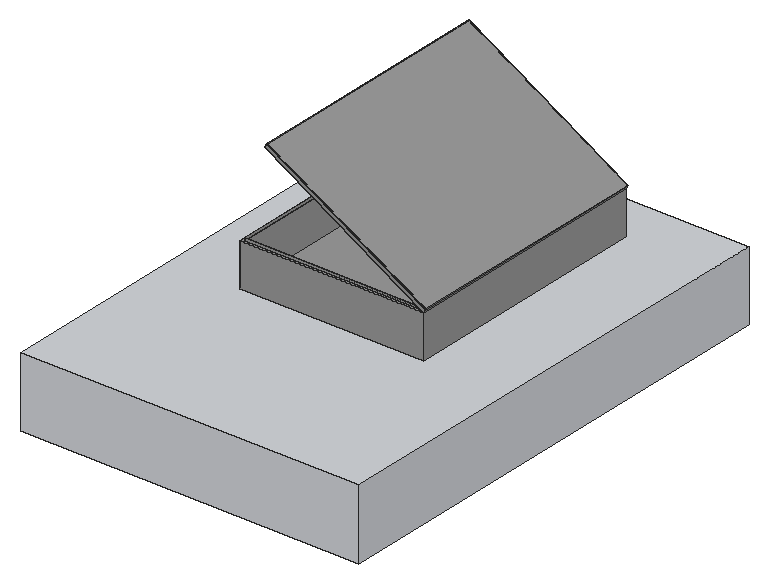
Revit family "Hager-Univers-IP54-D205-H1100-Cl.II-Encl-PL-pl", category Equipement électrique, Revit 2020
Family settings
  Hôte = Face
  Configuration du panneau = Deux colonnes, circuits au sein
  Cote de connecteur circulaire = Utiliser le diamètre
  Type d'élément = Tableau de raccordement
  Couper avec des vides une fois chargée = Non
  Partagée = Non
  Point de calcul de pièce = Non
Parameters (values of type "Montaż natynkowy IP54 S800 W1100 G205  - FP73SW2")
  Width Control [instance] = if([EF000008 - Szerokość] > Min Width, [EF000008 - Szerokość], Min Width)  # 800 mm
  Commentaires du type = [HG000003 - Zakres]  # "Univers"
  Thickness Door [instance] = if([EF009171 - Drzwi/pokrywa z materiału o wysokiej wytrzymałości mechanicznej] > 3 mm, 3 mm, [EF009171 - Drzwi/pokrywa z materiału o wysokiej wytrzymałości mechanicznej])  # 1 mm
  Seal Frame Offset [instance] = 17 mm  # constant formula
  Plinth Visibility [instance] = [HG000027 - Wysokość cokołu] > 0 mm  # no
  Model = ""
  Min Width [instance] = 100 mm  # constant formula
  Min Height [instance] = 100 mm  # constant formula
  Min Depth [instance] = (2 * [EF009170 - Obudowa z materiału o wysokiej wytrzymałości mechanicznej]) + 1 mm  # 3 mm
  Internal Frame Depth [instance] = (Door System Depth * 0.5)  # 9 mm
  Height Control [instance] = if([EF000040 - Wysokość] > Min Height, [EF000040 - Wysokość], Min Height)  # 1100 mm
  HG000027 - Wysokość cokołu = 0 mm
  HG000026 - Stojąca = no
  HG000024 - Wysokość części dolnej = 800 mm
  HG000023 - Obudowa dwusekcyjna = no
  HG000016 - Widoczność drzwi w widoku 3D [instance] = yes
  HG000015 - Przestrzeń robocza - otwarcie drzwi [instance] = no
  HG000014 - Drzwi prawe [instance] = yes
  HG000013 - Drzwi lewe [instance] = not([HG000014 - Drzwi prawe])  # no
  HG000012 - Kąt otwarcia drzwi [instance] = 30.00°
  HG000010 - Drzwi asymetryczne = no
  HG000009 - Drzwi dwuskrzydłowe = no
  HG000006 - Montaż podtynkowy = no
  HG000004 - Referencja producenta = "FP73SW2"
  HG000003 - Zakres = "Univers"
  HG000002 - Z drzwiami lub pokrywą = yes
  Frame Offset Bottom [instance] = 10 mm  # constant formula
  Frame Offset [instance] = 15 mm  # constant formula
  EF015940 - Pokrywa z wyzwalaczem nadciśnieniowym = no
  EF011959 - Stopień ochrony (NEMA) = ""
  EF009554 - Liczba otworów pod flansze = 6
  Fabricant = "Hager"  # constant formula
  EF009212 - Wykonanie pokrywy = "EV000116 - Zamknięty"
  EF009171 - Drzwi/pokrywa z materiału o wysokiej wytrzymałości mechanicznej = 1 mm
  EF009170 - Obudowa z materiału o wysokiej wytrzymałości mechanicznej = 1 mm
  EF008873 - Prąd znamionowy (In) = 250 A
  EF007800 - Do ochrony odgromowej = no
  EF006306 - Z zamkiem = no
  EF006244 - Transparentna pokrywa/drzwi = no
  EF005474 - Stopień ochrony (IP) = "EV006419 - IP54"
  EF004464 - Rodzaj drzwi = "EV002646 - Pojedynczy"
  EF004427 - Liczba modułów = 252
  EF004293 - Odporność udarowa = "EV006815 - IK09"
  EF003532 - Do zastosowań zewnętrznych = no
  EF002950 - Szerokość wyrażona liczbą modułów = 36
  EF001613 - Podtrzymanie funkcji = "EV000494 - Brak"
  EF001596 - Materiał obudowy = "EV000179 - Stal"
  EF001131 - Głębokość wewnętrzna = 130 mm
  EF001088 - Możliwość rozbudowy = yes
  EF000437 - Liczba wejść kablowych = 6
  EF000339 - Rodzaj pokrywy = "EV004216 - Drzwi"
  EF000266 - Liczba rzędów = 7
  EF000218 - Głębokość wbudowania = 205 mm
  EF000118 - Z płytą montażową = no
  EF000116 - Numer RAL = "9010"
  EF000049 - Głębokość = 205 mm
  EF000040 - Wysokość = 1100 mm
  EF000008 - Szerokość = 800 mm
  EF000007 - Kolor = "EV000202 - Biały"
  EF000003 - Sposób montażu = "EV000384 - Montaż natynkowy"
  Door System Leaf Tolerance [instance] = 1.5 mm  # constant formula
  Door System Depth [instance] = 18 mm  # constant formula
  Door Height [instance] = Height Control - [HG000027 - Wysokość cokołu]  # 1100 mm
  Depth Control [instance] = if([EF000049 - Głębokość] > Min Depth, [EF000049 - Głębokość], Min Depth)  # 205 mm
  Default Elevation = 0 mm
  Connector Offset [instance] = Height Control / 2  # 550 mm
  Bottom Top Plate Trim [instance] = 1.5 mm  # constant formula
  Plinth height Ctrl [instance] = if([HG000027 - Wysokość cokołu] > 0 mm, [HG000027 - Wysokość cokołu], 12 mm)  # 12 mm
Types (5, lengths in mm): name | Width Control | HG000010 - Drzwi asymetryczne | HG000009 - Drzwi dwuskrzydłowe | HG000004 - Referencja producenta | EF009554 - Liczba otworów pod flansze | EF004464 - Rodzaj drzwi | EF004427 - Liczba modułów | EF002950 - Szerokość wyrażona liczbą modułów | EF000437 - Liczba wejść kablowych | EF000008 - Szerokość
  Montaż natynkowy IP54 S1050 W1100 G205  - FP74SW2 | 1050 | no | yes | "FP74SW2" | 8 | "EV003602 - Podwójny" | 336 | 48 | 8 | 1050
  Montaż natynkowy IP54 S1300 W1100 G205  - FP75SW2 | 1300 | yes | yes | "FP75SW2" | 10 | "EV003602 - Podwójny" | 420 | 60 | 10 | 1300
  Montaż natynkowy IP54 S300 W1100 G205  - FP71SW2 | 300 | no | no | "FP71SW2" | 2 | "EV002646 - Pojedynczy" | 84 | 12 | 2 | 300
  Montaż natynkowy IP54 S550 W1100 G205  - FP72SW2 | 550 | no | no | "FP72SW2" | 4 | "EV002646 - Pojedynczy" | 168 | 24 | 4 | 550
  Montaż natynkowy IP54 S800 W1100 G205  - FP73SW2 | 800 | no | no | "FP73SW2" | 6 | "EV002646 - Pojedynczy" | 252 | 36 | 6 | 800
Reference planes
  plane 1 "Center (Front/Back)": y = 0
  plane 2: z = 0
  plane 3 "Center (Left/Right)": x = 0
  plane 4: z = 205
  plane 5: y = 1
  plane 6: y = 550
  plane 7: y = 0
  plane 8: y = 1100
  plane 9: z = 0
  plane 10: x = -385
  plane 11: x = 385
  plane 12: x = 384
  plane 13: x = -384
  plane 14: y = 1099
  plane 15: x = -383
  plane 16: x = -400
  plane 17: x = 383
  plane 18: x = 400
  plane 19: x = 399
  plane 20: x = -399
  plane 21: y = 11
  plane 22: y = 1100
  plane 23: y = 1084
  plane 24: z = 187
  plane 25: z = 1
  plane 26: z = 186
  plane 27: z = 204
Forms (mm)
  Extrusion 1, solid
    sketch origin (0, 0, 0) x (1, 0, 0) y (0, 1, 0)
      loop
        line (-702.964, 1305) -> (-702.964, -811.445) -> (766.763, -811.445) -> (766.763, 1305) -> (-702.964, 1305)
    from 0 to -304.8
  Extrusion 2, solid, material "Hager_Steel_RAL7035_Light_Grey", visible <- "Plinth Visibility", detail levels medium+fine
    sketch origin (0, 0, 0) x (1, 0, 0) y (0, 1, 0)
      loop
        line (-400, 0) -> (400, 0) -> (400, 12) -> (-400, 12) -> (-400, 0)
    from 0 to 187
  Extrusion 3, solid, material "Hager_Steel_RAL7035_Light_Grey", detail levels medium+fine
    sketch origin (0, 0, 0) x (1, 0, 0) y (0, 1, 0)
      loop
        line (-400, 0) -> (400, 0) -> (400, 1100) -> (-400, 1100) -> (-400, 0)
    from 0 to 187
  Extrusion 4, void
    sketch origin (0, 0, 0) x (1, 0, 0) y (0, 1, 0)
      loop
        line (-399, 1) -> (399, 1) -> (399, 1099) -> (-399, 1099) -> (-399, 1)
    from 1 to 186
  Extrusion 5, void
    sketch origin (-381.607, -4572, 187) x (0, -1, 0) y (-1, 0, 0)
      loop
        line (-4583, 2.393) -> (-5656, 2.393) -> (-5656, -765.607) -> (-4583, -765.607) -> (-4583, 2.393)
    from 0 to 1 <- "EF009170 - Obudowa z materiału o wysokiej wytrzymałości mechanicznej"
  Extrusion 6, solid, material "Hager_Steel_RAL7035_Light_Grey", detail levels fine
    sketch origin (0, 0, 187) x (1, 0, 0) y (0, 1, 0)
      loop
        line (-384, 1084) -> (-384, 11) -> (384, 11) -> (384, 1084) -> (-384, 1084)
      loop
        line (-385, 10) -> (385, 10) -> (385, 1085) -> (-385, 1085) -> (-385, 10)
    from 0 to 9 <- "Internal Frame Depth"
  Extrusion 7, solid, material "Hager_Steel_RAL7035_Light_Grey", detail levels coarse
    sketch origin (0, 0, 0) x (1, 0, 0) y (0, 1, 0)
      loop
        line (-400, 0) -> (400, 0) -> (400, 1100) -> (-400, 1100) -> (-400, 0)
    from 0 to 205
  Sweep 8, void
    path in 3D
      loop
        line (-400, 12, 0) -> (400, 12, 0) -> (400, 12, 187) -> (-400, 12, 187) -> (-400, 12, 0)
    profile origin (-400, 12, 93.5) x (-1, 0, 0) y (0, -1, 0)
      loop
        line (0, 0) -> (0, 1.5) -> (-1.5, 1.5)
        arc (-1.5, 1.5) -> (-1.061, 0.439) -> (0, 0) r 1.5
Cuts and joins
  Extrusion 4, Extrusion 5 cuts Extrusion 3
  Sweep 8 cuts Extrusion 2
Lines and regions (mm)
  Masking region 1
    outline origin (0, 0, 0) x (1, 0, 0) y (0, 0, 1)
      loop
        line (-400, 205) -> (-400, 0) -> (400, 0) -> (400, 205) -> (-400, 205)
  Masking region 2, detail levels medium+fine
    outline origin (0, 140, 0) x (0, 1, 0) y (0, 0, 1)
      loop
        line (-140, 0) -> (960, 0) -> (960, 187) -> (-140, 187) -> (-140, 0)
  Masking region 3, not visible, detail levels medium+fine
    outline origin (0, 297.922, 0) x (0, 1, 0) y (0, 0, 1)
      loop
        line (263.578, 0) -> (303.578, 0) -> (303.578, 194)
        arc (303.578, 194) -> (300.649, 201.071) -> (293.578, 204) r 10
        line (293.578, 204) -> (263.578, 204) -> (263.578, 0)
  Masking region 4, detail levels coarse
    outline origin (0, 0, 180) x (0, 1, 0) y (0, 0, 1)
      loop
        line (0, -180) -> (1100, -180) -> (1100, 25) -> (0, 25) -> (0, -180)
  Masking region 5, visible <- "Plinth Visibility", detail levels medium+fine
    outline origin (0, 52.24, 12.345) x (0, 0, -1) y (0, 1, 0)
      loop
        line (10.845, -40.24) -> (-173.155, -40.24)
        arc (-173.155, -40.24) -> (-173.594, -41.301) -> (-174.655, -41.74) r 1.5
        line (-174.655, -41.74) -> (-174.655, -52.24) -> (12.345, -52.24) -> (12.345, -41.74)
        arc (12.345, -41.74) -> (11.285, -41.301) -> (10.845, -40.24) r 1.5
  Masking region 6, detail levels medium+fine
    outline origin (-381.607, -4572, 187) x (-1, 0, 0) y (0, -1, 0)
      loop
        line (18.393, -5672) -> (18.393, -4572) -> (-781.607, -4572) -> (-781.607, -5672) -> (18.393, -5672)
  Masking region 7, visible <- "Plinth Visibility", detail levels medium+fine
    outline origin (-381.607, -4727, 187) x (-1, 0, 0) y (0, -1, 0)
      loop
        arc (16.893, -4739) -> (17.332, -4737.939) -> (18.393, -4737.5) r 1.5
        line (18.393, -4737.5) -> (18.393, -4727) -> (-781.607, -4727) -> (-781.607, -4737.5)
        arc (-781.607, -4737.5) -> (-780.546, -4737.939) -> (-780.107, -4739) r 1.5
        line (-780.107, -4739) -> (16.893, -4739)
  Masking region 8, detail levels coarse
    outline origin (-442.548, -4669.526, 187) x (-1, 0, 0) y (0, -1, 0)
      loop
        line (-42.548, -5769.526) -> (-42.548, -4669.526) -> (-842.548, -4669.526) -> (-842.548, -5769.526) -> (-42.548, -5769.526)
  sketch lines
    curve 1: line (-400, 12, 187) -> (-400, 12, 0)
    curve 2: line (400, 12, 187) -> (-400, 12, 187)
    curve 3: line (400, 12, 187) -> (400, 12, 0)
    curve 4: line (-400, 12, 0) -> (400, 12, 0)
Dimensions and locks
  "Depth Control": plane 4 to Extrusion 1
  "HG000027 - Wysokość cokołu": plane 1 "Center (Front/Back)" to plane 7
  "EF009170 - Obudowa z materiału o wysokiej wytrzymałości mechanicznej": plane 5 to plane 7
  locked: connector elem to plane 3 "Center (Left/Right)"
  equal spacing: plane 8, plane 6, plane 7
  locked: connector elem to plane 6
  "EF009170 - Obudowa z materiału o wysokiej wytrzymałości mechanicznej": plane 8 to plane 14
  "EF009170 - Obudowa z materiału o wysokiej wytrzymałości mechanicznej": plane 10 to plane 13
  "EF009170 - Obudowa z materiału o wysokiej wytrzymałości mechanicznej": plane 12 to plane 11
  "Frame Offset": plane 20 to plane 13
  "Frame Offset": plane 12 to plane 19
  "EF009170 - Obudowa z materiału o wysokiej wytrzymałości mechanicznej": plane 16 to plane 20
  "EF009170 - Obudowa z materiału o wysokiej wytrzymałości mechanicznej": plane 19 to plane 18
  "Seal Frame Offset": plane 16 to plane 15
  "Seal Frame Offset": plane 17 to plane 18
  "Frame Offset Bottom": plane 21 to plane 5
  "Frame Offset": plane 14 to plane 23
  equal spacing: plane 16, plane 3 "Center (Left/Right)", plane 18
  "Width Control": plane 16 to plane 18
  "EF009170 - Obudowa z materiału o wysokiej wytrzymałości mechanicznej": plane 4 to plane 27
  "EF009170 - Obudowa z materiału o wysokiej wytrzymałości mechanicznej": plane 24 to plane 26
  "EF009170 - Obudowa z materiału o wysokiej wytrzymałości mechanicznej": plane 25 to level
  "Door System Depth": plane 4 to plane 24
  "Height Control": plane 1 "Center (Front/Back)" to Extrusion 7 sketch curve
  "Height Control": Masking region 4 sketch curve to plane 1 "Center (Front/Back)"
  "Height Control": plane 1 "Center (Front/Back)" to plane 22
  "Bottom Top Plate Trim": profile plane to Sweep 8 sketch curve
  "Bottom Top Plate Trim": Sweep 8 sketch curve to profile plane
  "Plinth height Ctrl": plane 1 "Center (Front/Back)" to Extrusion 2 sketch curve
  "Plinth height Ctrl": Masking region 5 sketch curve to plane 1 "Center (Front/Back)"
  "Plinth height Ctrl": plane 1 "Center (Front/Back)" to Masking region 7 sketch curve
  "Thickness Door": Extrusion 6 sketch curve to Extrusion 6 sketch curve  (x3)
  "Thickness Door": cut or joined group of Extrusion 3, Extrusion 4, Extrusion 5 to Extrusion 6 sketch curve
  radius of Masking region 3 sketch curve = 10 mm
  "Bottom Top Plate Trim": radius of Masking region 5 sketch curve  (x2)
  "Bottom Top Plate Trim": radius of Sweep 8 sketch curve
  "Bottom Top Plate Trim": radius of Masking region 7 sketch curve  (x2)
  aligned and locked: plane 2 to Extrusion 1
  aligned and locked: level to Extrusion 1
  aligned and locked: level to Masking region 1 sketch curve
  aligned and locked: Masking region 1 sketch curve to plane 18
  aligned and locked: Masking region 1 sketch curve to plane 16
  aligned and locked: plane 7 to Masking region 2 sketch curve
  aligned and locked: level to Masking region 3 sketch curve
  aligned and locked: Masking region 3 sketch curve to plane 27
  aligned and locked: level to Masking region 2 sketch curve
  aligned and locked: plane 1 "Center (Front/Back)" to Extrusion 2 sketch curve
  aligned and locked: Extrusion 3 sketch curve to plane 7
  aligned and locked: plane 16 to Extrusion 3 sketch curve
  aligned and locked: plane 18 to Extrusion 3 sketch curve
  aligned and locked: plane 20 to Extrusion 4 sketch curve
  aligned and locked: plane 19 to Extrusion 4 sketch curve
  aligned and locked: Extrusion 4 sketch curve to plane 5
  aligned and locked: Extrusion 4 to plane 25
  aligned and locked: plane 26 to Extrusion 4
  aligned and locked: plane 24 to Extrusion 3
  aligned and locked: Extrusion 5 sketch curve to plane 21
  aligned and locked: Extrusion 5 sketch curve to plane 13
  aligned and locked: Extrusion 5 sketch curve to plane 12
  aligned and locked: plane 18 to Extrusion 7 sketch curve
  aligned and locked: plane 1 "Center (Front/Back)" to Extrusion 7 sketch curve
  aligned and locked: plane 16 to Extrusion 7 sketch curve
  aligned and locked: plane 4 to Extrusion 7
  aligned and locked: Extrusion 7 to level
  aligned and locked: level to Masking region 4 sketch curve
  aligned and locked: Masking region 4 sketch curve to plane 1 "Center (Front/Back)"
  aligned and locked: Masking region 4 sketch curve to plane 4
  aligned and locked: nested 1 to level
  aligned and locked: nested 1 to plane 16
  aligned and locked: plane 8 to Extrusion 3 sketch curve
  aligned and locked: plane 23 to Extrusion 5 sketch curve
  aligned and locked: plane 14 to Extrusion 4 sketch curve
  aligned and locked: Masking region 2 sketch curve to plane 8
  aligned and locked: level to Masking region 5 sketch curve
  aligned and locked: plane 16 to Extrusion 2 sketch curve
  aligned and locked: plane 18 to Extrusion 2 sketch curve
  aligned and locked: Masking region 5 sketch curve to plane 24
  aligned and locked: Masking region 2 sketch curve to plane 24
  aligned and locked: plane 24 to Extrusion 2
  aligned and locked: profile plane to Sweep 8 sketch curve  (x2)
  aligned and locked: Masking region 6 sketch curve to plane 18
  aligned and locked: Masking region 6 sketch curve to plane 22
  aligned and locked: Masking region 6 sketch curve to plane 16
  aligned and locked: plane 8 to plane 22
  aligned and locked: Masking region 6 sketch curve to plane 7
  aligned and locked: Masking region 7 sketch curve to plane 16
  aligned and locked: Masking region 7 sketch curve to plane 1 "Center (Front/Back)"
  aligned and locked: Masking region 7 sketch curve to plane 18
  aligned and locked: Masking region 8 sketch curve to plane 1 "Center (Front/Back)"
  aligned and locked: Masking region 8 sketch curve to plane 18
  aligned and locked: Masking region 8 sketch curve to plane 22
  aligned and locked: Masking region 8 sketch curve to plane 16
  aligned and locked: nested 2 to plane 7
  aligned and locked: plane 3 "Center (Left/Right)" to nested 2
  aligned and locked: nested 2 to plane 24
  aligned and locked: Extrusion 6 sketch curve to cut or joined group of Extrusion 3, Extrusion 4, Extrusion 5  (x4)
Automatic sketch dimensions
  Extrusion 1 sketch curve to Extrusion 1 sketch curve = 1469.727 mm
  Extrusion 1 sketch curve to Extrusion 1 sketch curve = 2116.445 mm
  Masking region 1 sketch curve to plane 4 = 0 mm
  plane 6 to Masking region 3 sketch curve = 11.5 mm
  Masking region 3 sketch curve to Masking region 3 sketch curve = 30 mm
  Masking region 5 sketch curve to plane 1 "Center (Front/Back)" = 0 mm
Nested families
  nested 1: "Hager_Enclosure_Symbol" at (-400, 0, 0) x (1, 0, 0) z (0, -1, 0), Height <- "Depth Control", Width <- "Width Control", type "Hager_Enclosure_Symbol"
    with Width_Ctrl 800 mm, Width 800 mm, Height_Ctrl 205 mm, Height 205 mm, A_Width_Int 13.453 mm, A_Width 161.438 mm, A_Height_Ctrl 179.375 mm, A_Height 179.375 mm
  nested 2: "EC000058_Univers_Door" at (0, 0, 187) x (1, 0, 0) z (0, 1, 0), Leaf_Tolerance <- "Door System Leaf Tolerance", Angle <- "HG000012 - Kąt otwarcia drzwi", Door_Depth <- "Door System Depth", Door_Left <- "HG000013 - Drzwi lewe", Transparent <- "EF006244 - Transparentna pokrywa/drzwi", Assymetrical <- "HG000010 - Drzwi asymetryczne", Width <- "Width Control", Clearance <- "HG000015 - Przestrzeń robocza - otwarcie drzwi", Double <- "HG000009 - Drzwi dwuskrzydłowe", 3d_Door <- "HG000016 - Widoczność drzwi w widoku 3D", Lock_Visibility <- "EF006306 - Z zamkiem", Width_Ctrl <- "Width Control", Door_Right <- "HG000014 - Drzwi prawe", Door <- "HG000002 - Z drzwiami lub pokrywą", Height <- "Door Height", Thickness <- "Thickness Door", type "EC000058_Univers_Door", detail levels medium+fine
    with min_wh 3 mm, Width_Ctrl 800 mm, Width 800 mm, Transparent no, Thickness 1 mm, Seal_Material Hager_Rubber, Lock_Visibility no, Lock_Material Hager_Plastic_RAL9005_Jet_Black, Leaf_Width 800 mm, Leaf_Tolerance_External_Sides 0 mm, Leaf_Tolerance 1.5 mm, Leaf_Offset 0 mm, Leaf_Height 1097 mm, Leaf_2_Width 800 mm, Leaf_2_Offset 400 mm, Leaf_1_Width 800 mm, Leaf_1_Offset 400 mm, Height_Ctrl 1100 mm, Height 1100 mm, Glass_Material Hager_Glass, Double_Clearance_Ctrl no, Double no, Door_Right_Ctrl yes, Door_Right yes, Door_Material Hager_Steel_RAL7035_Light_Grey, Door_Left_Ctrl no, Door_Left no, Door_Depth 18 mm, Door yes, Clearance_Material Hager_Clearance, Clearance_Depth 800 mm, Clearance_Ctrl no, Clearance no, Assymetrical no, Angle 30.00°, 3d_Door yes
Connectors
  electrical at (0, 550, 0)
    settings: on plane 9, index 1, voltage 0 V, apparent load 0 VA, apparent load phase1 0 VA, apparent load phase2 0 VA, apparent load phase3 0 VA, power factor 1, load classification "Other", number of poles 1, system type 30, power factor state 1, is connector primary yes, connector utility no, sub classification motor no, connector description ""
Definition of nested family "EC000058_Univers_Door"
  Parameters (values of type "EC000058_Univers_Door")
    min_wh [instance] = (2 * Thickness) + 1 mm  # 11 mm
    Width_Ctrl [instance] = 400 mm
    Width [instance] = 500 mm
    Transparent [instance] = yes
    Thickness [instance] = 5 mm
    Seal_Material [instance] = none
    Lock_Visibility [instance] = yes
    Lock_Material [instance] = none
    Leaf_Width [instance] = if((Width_Ctrl - 2 * Leaf_Tolerance_External_Sides) > 0 mm, (Width_Ctrl - 2 * Leaf_Tolerance_External_Sides), min_wh)  # 400 mm
    Leaf_Tolerance_External_Sides [instance] = 0 mm  # constant formula
    Leaf_Tolerance [instance] = 1.5 mm
    Leaf_Offset [instance] = 0 mm  # constant formula
    Leaf_Height [instance] = if((Height_Ctrl - 2 * Leaf_Tolerance) > 0 mm, (Height_Ctrl - 2 * Leaf_Tolerance), min_wh)  # 497 mm
    Leaf_2_Width [instance] = if(and(and(Double, Assymetrical), Door_Left), (Leaf_Width / 3) - (Leaf_Tolerance / 2), if(and(and(Double, Assymetrical), Door_Right), (Leaf_Width / 3) * 2 - (Leaf_Tolerance / 2), if(and(Double, not(Assymetrical)), (Leaf_Width / 2) - Leaf_Tolerance, Leaf_Width)))  # 400 mm
    Leaf_2_Offset [instance] = if(and(Double, Assymetrical), Leaf_2_Width / 2, if(and(Double, not(Assymetrical)), Leaf_Width / 4, Leaf_Width / 2))  # 200 mm
    Leaf_1_Width [instance] = if(and(and(Double, Assymetrical), Door_Right), (Leaf_Width / 3) - (Leaf_Tolerance / 2), if(and(and(Double, Assymetrical), Door_Left), (Width / 3) * 2 - (Leaf_Tolerance / 2), if(and(Double, not(Assymetrical)), (Leaf_Width / 2) - Leaf_Tolerance, Leaf_Width)))  # 400 mm
    Leaf_1_Offset [instance] = if(and(Double, Assymetrical), Leaf_1_Width / 2, if(and(Double, not(Assymetrical)), Leaf_Width / 4, Leaf_Width / 2))  # 200 mm
    Height_Ctrl [instance] = if(Height > min_wh, Height, min_wh)  # 500 mm
    Height [instance] = 500 mm
    Glass_Material [instance] = none
    Double_Clearance_Ctrl [instance] = and(Double, Clearance)  # no
    Double [instance] = no
    Door_Right_Ctrl [instance] = and(or(Door_Right, Double), Door)  # yes
    Door_Right [instance] = yes
    Door_Material [instance] = none
    Door_Left_Ctrl [instance] = and(or(Door_Left, Double), Door)  # no
    Door_Left [instance] = no
    Door_Depth [instance] = 30 mm
    Door [instance] = yes
    Default Elevation = 1219.2 mm
    Clearance_Material [instance] = none
    Clearance_Depth [instance] = if(Leaf_1_Width > Leaf_2_Width, Leaf_1_Width, Leaf_2_Width)  # 400 mm
    Clearance_Ctrl [instance] = and(not(Double), Clearance)  # yes
    Clearance [instance] = yes
    Assymetrical [instance] = yes
    Angle [instance] = 30.00°
    3d_Door [instance] = yes
  Reference planes
    plane 1 "Center (Front/Back)": y = 0
    plane 2 "Bottom": z = 0
    plane 3 "Center (Left/Right)": x = 0
    plane 4: z = 500
    plane 5: x = -200
    plane 6: x = 200
    plane 7: z = 500
    plane 8: x = -200
    plane 9: z = 0
    plane 10: x = 200
    plane 11: y = 0
    plane 12: z = 1.5
    plane 13: x = -600
    plane 14: y = -400
    plane 15: x = 600
    plane 16: x = 0
    plane 17: x = 0
    plane 18: x = -200
    plane 19: x = 200
    plane 20: z = 498.5
  Forms (mm)
    Extrusion 1, solid, material <- "Clearance_Material", visible <- "Double_Clearance_Ctrl"
      sketch origin (1200, 0, 0) x (1, 0, 0) y (0, 0, -1)
        loop
          line (-1800, -498.5) -> (-600, -498.5) -> (-600, 0) -> (-1800, 0) -> (-1800, -498.5)
      from 0 to -400
  Dimensions and locks
    equal spacing: plane 5, plane 3 "Center (Left/Right)", plane 6
    "Width_Ctrl": plane 5 to plane 6
    "Leaf_Offset": plane 5 to plane 8
    "Leaf_Offset": plane 6 to plane 10
    "Leaf_Offset": plane 9 to level
    "Leaf_Offset": plane 4 to plane 7
    "Height_Ctrl": plane 4 to level
    "Leaf_Tolerance": plane 12 to plane 9
    locked: plane 11 to plane 1 "Center (Front/Back)"
    "Leaf_1_Offset": plane 18 to plane 16
    "Leaf_2_Offset": plane 17 to plane 19
    "Leaf_1_Width": plane 13 to plane 8
    "Leaf_2_Width": plane 10 to plane 15
    "Clearance_Depth": plane 14 to plane 1 "Center (Front/Back)"
    "Leaf_Tolerance_External_Sides": plane 8 to plane 18
    "Leaf_Tolerance_External_Sides": plane 19 to plane 10
    "Leaf_Tolerance": plane 7 to plane 20
    aligned and locked: level to plane 2 "Bottom"
    aligned and locked: nested 1 to plane 16
    aligned and locked: nested 2 to plane 17
    aligned and locked: Extrusion 1 to plane 13
    aligned and locked: plane 15 to Extrusion 1
    aligned and locked: Extrusion 1 to plane 14
    aligned and locked: plane 12 to nested 1
    aligned and locked: nested 2 to plane 12
    aligned and locked: Extrusion 1 to plane 11
    aligned and locked: plane 20 to Extrusion 1
    aligned and locked: nested 2 to plane 11
    aligned and locked: nested 1 to plane 11
  Automatic sketch dimensions
    Extrusion 1 sketch curve to level = 0 mm
    plane 5 to Extrusion 1 sketch curve = 400 mm
    plane 6 to Extrusion 1 sketch curve = 400 mm
    Extrusion 1 sketch curve to plane 4 = 1.5 mm
  Nested families
    nested 1: "EC000058_Univers_Door_Leaf" at (0, 0, 1.5), Width <- "Leaf_1_Width", visible <- "Door_Left_Ctrl", Leaf_Height <- "Leaf_Height", Angle <- "Angle", 3d_Door <- "3d_Door", Transparent <- "Transparent", Clearance Material <- "Clearance_Material", Clearance <- "Clearance_Ctrl", Door_Material <- "Door_Material", Glass_Material <- "Glass_Material", Door_Depth <- "Door_Depth", Lock_Material <- "Lock_Material", Seal_Material <- "Seal_Material", Lock_Visibility <- "Lock_Visibility", Thickness <- "Thickness", type "EC000058_Univers_Door_Leaf"
      with Width 400 mm, Transparent_Glass_Offset 30 mm, Transparent_Ctrl yes, Transparent yes, Thickness 5 mm, Standard no, Seal_Material none, Seal_D2 8 mm, Seal_D1 1 mm, Offset_Internal_Frame 10 mm, Lock_Width 20 mm, Lock_Visibility_3d yes, Lock_Visibility yes, Lock_Thickness_3 3 mm, Lock_Thickness_2 1 mm, Lock_Thickness_1 3 mm, Lock_Radius_Offset_2 16 mm, Lock_Radius_Offset_1 15 mm, Lock_Radius_2 5 mm, Lock_Radius 6 mm, Lock_Offset 5 mm, Lock_Material none, Lock_Height 80 mm, Lock_Cover_Top_Offset_2d 17 mm, Lock_Cover_Height -65 mm, Leaf_Height 497 mm, Internal_Seal_Thickness 8 mm, Internal_Seal_Depth_2 4.5 mm, Internal_Frame_Depth 25 mm, Glass_Thickness -1 mm, Glass_Offset -2 mm, Glass_Material none, Door_Material none, Door_Depth 30 mm, Clearance Material none, Clearance yes, Angle_Ctrl 30.00°, Angle 30.00°, 3d_Door yes
    nested 2: "EC000058_Univers_Door_Leaf" at (0, 0, 1.5) x (-1, 0, 0) z (0, 0, 1), Width <- "Leaf_2_Width", visible <- "Door_Right_Ctrl", Leaf_Height <- "Leaf_Height", Angle <- "Angle", 3d_Door <- "3d_Door", Transparent <- "Transparent", Clearance Material <- "Clearance_Material", Clearance <- "Clearance_Ctrl", Door_Material <- "Door_Material", Glass_Material <- "Glass_Material", Door_Depth <- "Door_Depth", Lock_Material <- "Lock_Material", Seal_Material <- "Seal_Material", Lock_Visibility <- "Lock_Visibility", Thickness <- "Thickness", type "EC000058_Univers_Door_Leaf"
      with Width 400 mm, Transparent_Glass_Offset 30 mm, Transparent_Ctrl yes, Transparent yes, Thickness 5 mm, Standard no, Seal_Material none, Seal_D2 8 mm, Seal_D1 1 mm, Offset_Internal_Frame 10 mm, Lock_Width 20 mm, Lock_Visibility_3d yes, Lock_Visibility yes, Lock_Thickness_3 3 mm, Lock_Thickness_2 1 mm, Lock_Thickness_1 3 mm, Lock_Radius_Offset_2 16 mm, Lock_Radius_Offset_1 15 mm, Lock_Radius_2 5 mm, Lock_Radius 6 mm, Lock_Offset 5 mm, Lock_Material none, Lock_Height 80 mm, Lock_Cover_Top_Offset_2d 17 mm, Lock_Cover_Height -65 mm, Leaf_Height 497 mm, Internal_Seal_Thickness 8 mm, Internal_Seal_Depth_2 4.5 mm, Internal_Frame_Depth 25 mm, Glass_Thickness -1 mm, Glass_Offset -2 mm, Glass_Material none, Door_Material none, Door_Depth 30 mm, Clearance Material none, Clearance yes, Angle_Ctrl 30.00°, Angle 30.00°, 3d_Door yes
  Definition of nested family "EC000058_Univers_Door_Leaf"
    Parameters (values of type "EC000058_Univers_Door_Leaf")
      Width [instance] = 2000 mm
      Transparent_Glass_Offset [instance] = 30 mm
      Transparent_Ctrl [instance] = and(Transparent, [3d_Door])  # yes
      Transparent [instance] = yes
      Thickness [instance] = 5 mm
      Standard [instance] = and(not(Transparent), [3d_Door])  # no
      Seal_Material [instance] = none
      Seal_D2 [instance] = 8 mm  # constant formula
      Seal_D1 [instance] = 1 mm  # constant formula
      Offset_Internal_Frame [instance] = 10 mm  # constant formula
      Lock_Width [instance] = 20 mm  # constant formula
      Lock_Visibility_3d [instance] = and(Lock_Visibility, [3d_Door])  # yes
      Lock_Visibility [instance] = yes
      Lock_Thickness_3 [instance] = 3 mm  # constant formula
      Lock_Thickness_2 [instance] = 1 mm  # constant formula
      Lock_Thickness_1 [instance] = 3 mm  # constant formula
      Lock_Radius_Offset_2 [instance] = Lock_Radius_Offset_1 + 1 mm  # 16 mm
      Lock_Radius_Offset_1 [instance] = 15 mm  # constant formula
      Lock_Radius_2 [instance] = Lock_Radius - 1 mm  # 5 mm
      Lock_Radius [instance] = 6 mm  # constant formula
      Lock_Offset [instance] = 5 mm  # constant formula
      Lock_Material [instance] = none
      Lock_Height [instance] = 80 mm  # constant formula
      Lock_Cover_Top_Offset_2d [instance] = Lock_Radius_Offset_2 + 1 mm  # 17 mm
      Lock_Cover_Height [instance] = -(Lock_Height - Lock_Radius_Offset_1)  # -65 mm
      Leaf_Height [instance] = 2720.336 mm
      Internal_Seal_Thickness [instance] = 8 mm  # constant formula
      Internal_Seal_Depth_2 [instance] = 4.5 mm  # constant formula
      Internal_Frame_Depth [instance] = if(Door_Depth - Thickness > 5 mm, Door_Depth - Thickness, 5 mm)  # 25 mm
      Glass_Thickness [instance] = if(Thickness > 15 mm, Glass_Offset + 10 mm, -1 mm)  # -1 mm
      Glass_Offset [instance] = if(Thickness > 15 mm, -(Thickness + 10 mm) / 2, -2 mm)  # -2 mm
      Glass_Material [instance] = none
      Door_Material [instance] = none
      Door_Depth [instance] = 30 mm
      Default Elevation = 0 mm
      Clearance Material [instance] = none
      Clearance [instance] = yes
      Angle_Ctrl [instance] = if(Angle > 180.00°, 180.00°, Angle)  # 90.00°
      Angle [instance] = 90.00°
      3d_Door [instance] = yes
    Reference planes
      plane 1 "Center (Front/Back)": y = 0
      plane 2: z = 0
      plane 3 "Center (Left/Right)": x = 0
      plane 4: y = 2000
      plane 5: x = -1000
      plane 6: x = 1000
      plane 7: x = -3000
      plane 8: z = 2720.336
      plane 9: z = 30
      plane 10: z = 2690.336
      plane 11: x = 970
      plane 12: x = -970
      plane 13: y = -3
      plane 14: z = 107.833
      plane 15: y = -5
      plane 16: y = -223.314
      plane 17: x = -1000
      plane 18: z = 1360.168
      plane 19: y = 30
    Forms (mm)
      Extrusion 1, solid, material <- "Clearance Material", visible <- "Clearance"
        sketch origin (0, 0, 0) x (1, 0, 0) y (0, 0, 1)
          loop
            line (-3000, 2720.336) -> (-3000, 0) -> (1000, 0) -> (1000, 2720.336) -> (-3000, 2720.336)
        from 0 to -2000
      Extrusion 2, solid, material <- "Door_Material", visible <- "Standard", detail levels medium+fine
        sketch origin (-1000, 0, 0) x (0, 1, 0) y (-1, 0, 0)
          loop
            line (0, 30) -> (0, 25) -> (2000, 25) -> (2000, 30) -> (0, 30)
        from 0 to 2720.336 <- "Leaf_Height"
      Extrusion 3, solid, material <- "Door_Material", visible <- "Transparent_Ctrl", detail levels medium+fine
        sketch origin (-1000, 0, 0) x (0, 1, 0) y (-1, 0, 0)
          loop
            line (0, 25) -> (2000, 25) -> (2000, 30) -> (0, 30) -> (0, 25)
        from 0 to 2720.336 <- "Leaf_Height"
      Extrusion 4, void
        sketch origin (-1025, 2000, 0) x (0, 1, 0) y (0, 0, -1)
          loop
            line (-30, -2690.336) -> (-30, -30) -> (-1970, -30) -> (-1970, -2690.336) -> (-30, -2690.336)
        from 0 to 5 <- "Thickness"
      Sweep 5, solid, material <- "Seal_Material", visible <- "Transparent_Ctrl", detail levels fine
        path in 3D
          loop
            line (-1025, 30, 30) -> (-1025, 30, 2690.336) -> (-1025, 1970, 2690.336) -> (-1025, 1970, 30) -> (-1025, 30, 30)
        profile origin (-1025, 1000, 30) x (1, 0, 0) y (0, 0, 1)
          loop
            line (0, 0) -> (0, -8) -> (1, -8) -> (1, 0) -> (0, 0)
      Extrusion 6, solid, material <- "Glass_Material", visible <- "Transparent_Ctrl", detail levels medium+fine
        sketch origin (-1030, 0, 0) x (0, 1, 0) y (0, 0, -1)
          loop
            line (1970, -2690.336) -> (1970, -30) -> (30, -30) -> (30, -2690.336) -> (1970, -2690.336)
        from -2 <- "Glass_Offset" to -1 <- "Glass_Thickness"
      Extrusion 7, solid, material <- "Door_Material", visible <- "3d_Door", detail levels medium+fine
        sketch origin (-1025, 2000, 0) x (0, -1, 0) y (0, 0, -1)
          loop
            line (0, -2720.336) -> (2000, -2720.336) -> (2000, 0) -> (0, 0) -> (0, -2720.336)
          loop
            line (1995, -5) -> (5, -5) -> (5, -2715.336) -> (1995, -2715.336) -> (1995, -5)
        from 0 to 25 <- "Internal_Frame_Depth"
      Sweep 8, solid, material <- "Seal_Material", visible <- "Transparent_Ctrl", detail levels fine
        path in 3D
          loop
            line (-1025, 0, 0) -> (-1025, 2000, 0) -> (-1025, 2000, 2720.336) -> (-1025, 0, 2720.336) -> (-1025, 0, 0)
        profile origin (-1025, 0, 1360.168) x (1, 0, 0) y (0, 1, 0)
          loop
            line (0, 10) -> (2.975, 10)
            arc (2.975, 10) -> (4.053, 10.447) -> (4.5, 11.525) r 1.525
            line (4.5, 11.525) -> (4.5, 16.527)
            arc (4.5, 16.527) -> (4.069, 17.569) -> (3.027, 18) r 1.473
            line (3.027, 18) -> (0, 18) -> (0, 10)
      Extrusion 9, solid, material <- "Lock_Material", visible <- "Lock_Visibility_3d", detail levels fine
        sketch origin (-1030, 0, 0) x (0, 1, 0) y (0, 0, -1)
          loop
            arc (1993.5, -1400.168) -> (1994.561, -1399.729) -> (1995, -1398.668) r 1.5
            line (1995, -1398.668) -> (1995, -1320.168) -> (1975, -1320.168) -> (1975, -1398.668)
            arc (1975, -1398.668) -> (1975.439, -1399.729) -> (1976.5, -1400.168) r 1.5
            line (1976.5, -1400.168) -> (1993.5, -1400.168)
        from 3 <- "Lock_Thickness_1" to 0
      Blend 10, solid, material <- "Lock_Material", visible <- "Lock_Visibility_3d", detail levels fine
        base sketch origin (-1033, 0, 0) x (0, 1, 0) y (0, 0, -1)
          loop
            line (1975, -1320.168) -> (1975, -1398.668)
            arc (1975, -1398.668) -> (1975.439, -1399.729) -> (1976.5, -1400.168) r 1.5
            line (1976.5, -1400.168) -> (1993.5, -1400.168)
            arc (1993.5, -1400.168) -> (1994.561, -1399.729) -> (1995, -1398.668) r 1.5
            line (1995, -1398.668) -> (1995, -1320.168) -> (1975, -1320.168)
        top sketch origin (-1033, 0, 0) x (0, 1, 0) y (0, 0, -1)
          loop
            line (1976, -1320.168) -> (1976, -1398.668)
            arc (1976, -1398.668) -> (1976.146, -1399.022) -> (1976.5, -1399.168) r 0.5
            line (1976.5, -1399.168) -> (1993.5, -1399.168)
            arc (1993.5, -1399.168) -> (1993.854, -1399.022) -> (1994, -1398.668) r 0.5
            line (1994, -1398.668) -> (1994, -1320.168) -> (1976, -1320.168)
        from 0 to 1 <- "Lock_Thickness_2"
      Blend 11, solid, material <- "Lock_Material", visible <- "Lock_Visibility_3d", detail levels fine
        base sketch origin (-1034, 0, 0) x (0, 1, 0) y (0, 0, -1)
          loop
            line (1978, -1320.168) -> (1978, -1384.168)
            arc (1978, -1384.168) -> (1985, -1391.168) -> (1992, -1384.168) r 7
            line (1992, -1384.168) -> (1992, -1320.168) -> (1978, -1320.168)
        top sketch origin (-1034, 0, 0) x (0, 1, 0) y (0, 0, -1)
          loop
            line (1991, -1320.168) -> (1979, -1320.168) -> (1979, -1383.168)
            arc (1979, -1383.168) -> (1985, -1389.168) -> (1991, -1383.168) r 6
            line (1991, -1383.168) -> (1991, -1320.168)
        from 0 to 3 <- "Lock_Thickness_3"
      Extrusion 12, solid, material <- "Lock_Material", visible <- "Lock_Visibility_3d", detail levels fine
        sketch origin (-1030, 1975, 1320.168) x (1, 0, 0) y (0, -1, 0)
          loop
            line (-7, -19) -> (-7, -1) -> (0, -1) -> (0, 0) -> (-8, 0) -> (-8, -20) -> (0, -20) -> (0, -19) -> (-7, -19)
        from 0 to -65 <- "Lock_Cover_Height"
      Extrusion 13, void
        sketch origin (-1038, 1995, 1320.168) x (-1, 0, 0) y (0, 0, -1)
          loop
            line (-5, -65) -> (0, -65) -> (-5, -60) -> (-5, -65)
        from 0 to 20 <- "Lock_Width"
      Extrusion 14, void
        sketch origin (-1038, 1975, 1320.168) x (0, -1, 0) y (0, 0, -1)
          loop
            circle (-10, -15.995) r 6
          loop
            circle (-10, -15.995) r 5
        from 0 to 2
      Extrusion 15, solid, material <- "Lock_Material", visible <- "Lock_Visibility_3d", detail levels medium
        sketch origin (-1030, 0, 0) x (0, 1, 0) y (0, 0, -1)
          loop
            arc (1993.5, -1400.168) -> (1994.561, -1399.729) -> (1995, -1398.668) r 1.5
            line (1995, -1398.668) -> (1995, -1320.168) -> (1975, -1320.168) -> (1975, -1398.668)
            arc (1975, -1398.668) -> (1975.439, -1399.729) -> (1976.5, -1400.168) r 1.5
            line (1976.5, -1400.168) -> (1993.5, -1400.168)
        from 8 to 0
    Cuts and joins
      Extrusion 4 cuts Extrusion 3
      Extrusion 13, Extrusion 14 cuts Extrusion 9
      Extrusion 14 cuts Blend 11
      Extrusion 13, Extrusion 14 cuts Extrusion 12
      joined: Extrusion 9, Blend 10, Blend 11, Extrusion 12
      Extrusion 14 cuts Extrusion 15
    Lines and regions (mm)
      Masking region 1, visible <- "Lock_Visibility", detail levels fine
        outline origin (0, 0, 0) x (0, 1, 0) y (0, 0, 1)
          loop
            line (30, 1320.168) -> (33, 1320.168) -> (33, 1400.168) -> (30, 1400.168) -> (30, 1320.168)
      Masking region 2, visible <- "Lock_Visibility", detail levels fine
        outline origin (0, 3.143, 0) x (0, 1, 0) y (0, 0, 1)
          loop
            line (29.857, 1354.168) -> (30.857, 1354.168) -> (30.857, 1366.168) -> (29.857, 1366.168) -> (29.857, 1354.168)
      Masking region 3, detail levels medium+fine
        outline origin (0, 0, 0) x (0, 1, 0) y (0, 0, 1)
          loop
            line (0, 0) -> (30, 0) -> (30, 2720.336) -> (0, 2720.336) -> (0, 0)
      Masking region 4, detail levels medium+fine
        outline origin (0, 0, 0) x (1, 0, 0) y (0, 0, 1)
          loop
            line (-1000, 2720.336) -> (-1000, 0) -> (1000, 0) -> (1000, 2720.336) -> (-1000, 2720.336)
      Masking region 5, visible <- "Lock_Visibility", detail levels fine
        outline origin (-47.116, 0, 0) x (1, 0, 0) y (0, 0, 1)
          loop
            arc (1024.616, 1399.168) -> (1023.556, 1398.729) -> (1023.116, 1397.668) r 1.5
            line (1023.116, 1397.668) -> (1023.116, 1320.168) -> (1041.116, 1320.168) -> (1041.116, 1397.668)
            arc (1041.116, 1397.668) -> (1040.677, 1398.729) -> (1039.616, 1399.168) r 1.5
            line (1039.616, 1399.168) -> (1024.616, 1399.168)
      Masking region 6, visible <- "Lock_Visibility", detail levels medium+fine
        outline origin (-25, 0, 0) x (1, 0, 0) y (0, 0, 1)
          loop
            arc (1001.5, 1400.168) -> (1000.439, 1399.729) -> (1000, 1398.668) r 1.5
            line (1000, 1398.668) -> (1000, 1320.168) -> (1020, 1320.168) -> (1020, 1398.668)
            arc (1020, 1398.668) -> (1019.561, 1399.729) -> (1018.5, 1400.168) r 1.5
            line (1018.5, 1400.168) -> (1001.5, 1400.168)
      Masking region 7, visible <- "Lock_Visibility", detail levels fine
        outline origin (-73.735, 0, 0) x (1, 0, 0) y (0, 0, 1)
          loop
            line (1051.735, 1382.168) -> (1065.735, 1382.168) -> (1065.735, 1384.168)
            arc (1065.735, 1384.168) -> (1058.735, 1391.168) -> (1051.735, 1384.168) r 7
            line (1051.735, 1384.168) -> (1051.735, 1382.168)
      Masking region 8, visible <- "Lock_Visibility", detail levels fine
        outline origin (-73.735, 0, 0) x (1, 0, 0) y (0, 0, 1)
          loop
            line (1052.735, 1382.168) -> (1064.735, 1382.168) -> (1064.735, 1383.168)
            arc (1064.735, 1383.168) -> (1058.735, 1389.168) -> (1052.735, 1383.168) r 6
            line (1052.735, 1383.168) -> (1052.735, 1382.168)
      Masking region 9, visible <- "Lock_Visibility", detail levels fine
        outline origin (-25, 0, 0) x (1, 0, 0) y (0, 0, 1)
          loop
            line (1020, 1320.168) -> (1020, 1382.168) -> (1000, 1382.168) -> (1000, 1320.168) -> (1020, 1320.168)
      Masking region 10, detail levels medium+fine
        outline origin (0, 0, 0) x (1, 0, 0) y (0, 0, 1)
          loop
            circle (985, 1335.144) r 6
      Masking region 11, detail levels fine
        outline origin (0, 0, 0) x (1, 0, 0) y (0, 0, 1)
          loop
            circle (985, 1335.144) r 5
      Masking region 12, visible <- "Lock_Visibility", detail levels fine
        outline origin (0, 12.767, 0) x (0, 1, 0) y (0, 0, 1)
          loop
            line (20.233, 1320.168) -> (21.233, 1320.168) -> (21.233, 1399.168) -> (20.233, 1400.168) -> (20.233, 1320.168)
      Masking region 13, visible <- "Lock_Visibility", detail levels fine
        outline origin (0, 13.767, -10) x (0, 1, 0) y (0, 0, 1)
          loop
            line (20.233, 1330.168) -> (23.233, 1330.168) -> (23.233, 1399.168) -> (20.233, 1402.168) -> (20.233, 1330.168)
      Masking region 14, visible <- "Lock_Visibility", detail levels fine
        outline origin (0, 12.767, -10) x (0, 1, 0) y (0, 0, 1)
          loop
            line (20.233, 1330.168) -> (25.233, 1330.168) -> (25.233, 1399.305) -> (20.233, 1394.305) -> (20.233, 1330.168)
      Masking region 15, visible <- "Lock_Visibility", detail levels medium
        outline origin (0, 0, 0) x (0, 1, 0) y (0, 0, 1)
          loop
            line (30, 1320.168) -> (38, 1320.168) -> (38, 1400.168) -> (30, 1400.168) -> (30, 1320.168)
      Masking region 16, visible <- "Lock_Visibility", detail levels fine
        outline origin (-1000, 0, 0) x (0, 1, 0) y (-1, 0, 0)
          loop
            line (1975, 30) -> (1995, 30) -> (1995, 38) -> (1975, 38) -> (1975, 30)
          loop
            line (1979, 37) -> (1976, 37) -> (1976, 34) -> (1978, 34) -> (1979, 37)
          loop
            line (1994, 37) -> (1991, 37) -> (1992, 34) -> (1994, 34) -> (1994, 37)
      Masking region 17, visible <- "Lock_Visibility", detail levels medium
        outline origin (-1000, 0, 0) x (0, 1, 0) y (-1, 0, 0)
          loop
            line (1975, 30) -> (1995, 30) -> (1995, 38) -> (1975, 38) -> (1975, 30)
      symbolic lines
        curve 1: line (1000, 0, 0) -> (-3000, 0, 0)
        curve 2: arc (1000, 0, 0) -> (-1000, 2000, 0) -> (-3000, 0, 0) r 2000
        curve 4: line (-1030, 0, 0) -> (-1030, 2000, 0)
      reference lines
        curve 3: line (-1000, 0, 0) -> (-1000, 2000, 0)
      symbolic lines, detail levels medium+fine
        curve 5: line (-1030, 2000, 0) -> (-1025, 2000, 0)
        curve 7: line (-1025, 0, 0) -> (-1030, 0, 0)
        curve 8: line (-1025, 0, 0) -> (-1000, 0, 0)
        curve 9: line (-1000, 0, 0) -> (-1000, 2000, 0)
        curve 10: line (-1000, 2000, 0) -> (-1025, 2000, 0)
      symbolic lines, detail levels fine
        curve 6: line (-1025, 2000, 0) -> (-1025, 0, 0)
      sketch lines
        curve 11: line (-1025, 0, 2720.336) -> (-1025, 0, 0)
        curve 12: line (-1025, 2000, 0) -> (-1025, 0, 0)
        curve 13: line (-1025, 2000, 2720.336) -> (-1025, 2000, 0)
        curve 14: line (-1025, 0, 2720.336) -> (-1025, 2000, 2720.336)
        curve 15: line (-1025, 1970, 30) -> (-1025, 30, 30)
        curve 16: line (-1025, 30, 30) -> (-1025, 30, 2690.336)
        curve 17: line (-1025, 1970, 2690.336) -> (-1025, 1970, 30)
        curve 18: line (-1025, 30, 2690.336) -> (-1025, 1970, 2690.336)
      symbolic lines, visible <- "Transparent", detail levels medium+fine
        curve 19: line (-970, 0, 2690.336) -> (970, 0, 2690.336)
        curve 20: line (-970, 0, 30) -> (-970, 0, 2690.336)
        curve 21: line (970, 0, 30) -> (-970, 0, 30)
        curve 22: line (970, 0, 2690.336) -> (970, 0, 30)
    Dimensions and locks
      "Width": plane 1 "Center (Front/Back)" to plane 4
      equal spacing: plane 5, plane 3 "Center (Left/Right)", plane 6
      "Width": plane 5 to plane 6
      "Width": plane 7 to plane 5
      "Leaf_Height": plane 8 to level
      "Width": curve 5 to curve 3
      "Width": curve 3 to curve 3
      plane 8 to plane 10 = 30 mm
      plane 9 to level = 30 mm
      plane 12 to plane 5 = 30 mm
      plane 6 to plane 11 = 30 mm
      Extrusion 1 to Extrusion 4 sketch curve = 30 mm
      "Transparent_Glass_Offset": curve 3 to Extrusion 4 sketch curve
      "Transparent_Glass_Offset": Extrusion 4 sketch curve to cut or joined group of Extrusion 3, Extrusion 4  (x2)
      cut or joined group of Extrusion 3, Extrusion 4 to Extrusion 6 sketch curve = 30 mm
      "Transparent_Glass_Offset": cut or joined group of Extrusion 3, Extrusion 4 to Extrusion 4 sketch curve
      "Thickness": curve 6 to curve 4
      "Thickness": Extrusion 7 sketch curve to Extrusion 7 sketch curve  (x4)
      "Door_Depth": curve 4 to curve 3
      "Offset_Internal_Frame": profile plane to Sweep 8 sketch curve
      "Internal_Seal_Thickness": Sweep 8 sketch curve to Sweep 8 sketch curve
      "Internal_Seal_Depth_2": profile plane to Sweep 8 sketch curve
      "Seal_D1": profile plane to Sweep 5 sketch curve
      "Seal_D2": profile plane to Sweep 5 sketch curve
      "Thickness": Extrusion 2 sketch curve to Extrusion 2 sketch curve
      equal spacing: Extrusion 9 sketch curve, plane 18, Extrusion 9 sketch curve  (x2)
      equal spacing: Masking region 1 sketch curve, plane 18, Masking region 1 sketch curve
      "Lock_Height": Masking region 1 sketch curve to Masking region 1 sketch curve
      "Lock_Radius": Masking region 2 sketch curve to plane 18 to Masking region 2 sketch curve
      Masking region 2 sketch curve to Masking region 1 = 1 mm
      "Door_Depth": plane 19 to plane 1 "Center (Front/Back)"
      "Lock_Thickness_1": Masking region 1 sketch curve to plane 19
      "Lock_Width": Extrusion 9 sketch curve to Extrusion 9 sketch curve
      "Lock_Height": Extrusion 9 sketch curve to Extrusion 9 sketch curve
      "Lock_Offset": cut or joined group of Extrusion 3, Extrusion 4 to Extrusion 9 sketch curve
      equal spacing: plane 8, plane 18, level
      "Lock_Radius_Offset_1": Blend 11 sketch curve to Blend 10
      locked: Blend 10 to Blend 11 sketch curve at 2  (x2)
      locked: var sketch to Blend 11 sketch curve at 1  (x2)
      "Lock_Radius_Offset_2": Blend 11 sketch curve to Blend 10
      locked: Extrusion 12 sketch curve to Extrusion 12 sketch curve at 1  (x3)
      Masking region 6 sketch curve to Masking region 6 sketch curve = 80 mm
      "Lock_Height": Masking region 6 sketch curve to Masking region 6 sketch curve
      "Lock_Width": Masking region 6 sketch curve to Masking region 6 sketch curve
      locked: Masking region 6 to Masking region 5 sketch curve at 1  (x3)
      locked: Masking region 5 to Masking region 7 sketch curve at 2  (x2)
      "Lock_Radius_Offset_1": Masking region 5 to Masking region 7 sketch curve
      "Lock_Radius_Offset_2": Masking region 5 to Masking region 8 sketch curve
      locked: Masking region 7 to Masking region 8 sketch curve at 1  (x2)
      "Lock_Cover_Top_Offset_2d": Masking region 5 to Masking region 9 sketch curve
      equal spacing: Masking region 9, Masking region 10 sketch curve, Masking region 9
      equal spacing: Masking region 9, Masking region 11 sketch curve, Masking region 9
      Extrusion 15 sketch curve to Extrusion 15 sketch curve = 80 mm
      "Lock_Width": Extrusion 15 sketch curve to Extrusion 15 sketch curve
      "Lock_Height": Extrusion 15 sketch curve to Extrusion 15 sketch curve
      equal spacing: Extrusion 15 sketch curve, plane 18, Extrusion 15 sketch curve
      "Lock_Thickness_3": Masking region 13 sketch curve to Masking region 13 sketch curve
      "Lock_Height": Masking region 12 sketch curve to Masking region 12 sketch curve
      locked: Masking region 13 sketch curve to Masking region 1 at 8
      locked: Masking region 14 sketch curve to Masking region 13 at 1
      locked: Masking region 14 sketch curve to Masking region 1 at 10.863
      "Lock_Height": Masking region 15 sketch curve to Masking region 15 sketch curve
      "Lock_Offset": Extrusion 15 sketch curve to cut or joined group of Extrusion 3, Extrusion 4
      "Lock_Offset": plane 6 to Masking region 6 sketch curve
      radius of Sweep 8 sketch curve = 1.525 mm
      radius of Sweep 8 sketch curve = 1.473 mm
      radius of Extrusion 9 sketch curve = 1.5 mm  (x2)
      "Lock_Radius": radius of Extrusion 14 sketch curve
      "Lock_Radius_2": radius of Extrusion 14 sketch curve
      "Lock_Radius": radius of Masking region 10 sketch curve
      "Lock_Radius_2": radius of Masking region 11 sketch curve
      radius of Extrusion 15 sketch curve = 1.5 mm  (x2)
      "Angle_Ctrl": angle plane 1 "Center (Front/Back)" to curve 3
      locked: Masking region 12 sketch curve to Masking region 12 sketch curve (angle 45.00°)
      locked: Masking region 13 sketch curve to Masking region 13 sketch curve (angle 45.00°)
      locked: Masking region 14 sketch curve to Masking region 14 sketch curve (angle 45.00°)
      aligned and locked: level to plane 2
      aligned and locked: Extrusion 1 to curve 1
      aligned and locked: plane 6 to Extrusion 1
      aligned and locked: Extrusion 1 to plane 1 "Center (Front/Back)"
      aligned and locked: plane 4 to Extrusion 1
      aligned and locked: plane 8 to Extrusion 1
      aligned and locked: curve 7 to Extrusion 2 sketch curve
      aligned and locked: curve 5 to Extrusion 2 sketch curve
      aligned and locked: curve 7 to Extrusion 3 sketch curve
      aligned and locked: Extrusion 3 sketch curve to curve 4
      aligned and locked: Extrusion 3 sketch curve to curve 6
      aligned and locked: Extrusion 3 sketch curve to curve 5
      aligned and locked: curve 9 to curve 3
      aligned and locked: Extrusion 7 sketch curve to cut or joined group of Extrusion 3, Extrusion 4  (x4)
      aligned and locked: plane 17 to curve 3
      aligned and locked: plane 1 "Center (Front/Back)" to curve 3
      aligned and locked: plane 17 to plane 5
      aligned and locked: Sweep 8 sketch curve to profile plane
      aligned and locked: Sweep 5 sketch curve to profile plane  (x2)
      aligned and locked: Masking region 1 to Masking region 2 sketch curve
      aligned and locked: plane 19 to Masking region 1 sketch curve
      aligned and locked: plane 1 "Center (Front/Back)" to Masking region 3 sketch curve
      aligned and locked: plane 19 to Masking region 3 sketch curve
      aligned and locked: level to Masking region 3 sketch curve
      aligned and locked: Masking region 3 sketch curve to plane 8
      aligned and locked: plane 17 to Masking region 4 sketch curve
      aligned and locked: level to Masking region 4 sketch curve
      aligned and locked: Masking region 4 sketch curve to plane 8
      aligned and locked: plane 12 to curve 20
      aligned and locked: plane 10 to curve 19
      aligned and locked: plane 11 to curve 22
      aligned and locked: curve 21 to plane 9
      aligned and locked: Extrusion 2 sketch curve to cut or joined group of Extrusion 3, Extrusion 4
      aligned and locked: Blend 10 sketch curve to Extrusion 9  (x4)
      aligned and locked: Extrusion 9 to Blend 10 sketch curve
      aligned and locked: Blend 10 to Blend 11 sketch curve
      aligned and locked: Extrusion 12 sketch curve to Blend 11
      aligned and locked: Extrusion 12 sketch curve to Extrusion 9  (x4)
      aligned and locked: Masking region 5 sketch curve to Masking region 6
      aligned and locked: Masking region 9 sketch curve to Masking region 6  (x3)
      aligned and locked: Masking region 12 sketch curve to Masking region 1
      aligned and locked: Masking region 13 sketch curve to Masking region 1
      aligned and locked: Masking region 12 to Masking region 14
      aligned and locked: Masking region 14 sketch curve to Masking region 1
      aligned and locked: Masking region 15 sketch curve to Masking region 14
      aligned and locked: Masking region 13 sketch curve to Masking region 12
      aligned and locked: Masking region 16 sketch curve to cut or joined group of Extrusion 14, Extrusion 15  (x4)
      aligned and locked: Masking region 16 sketch curve to cut or joined group of Extrusion 9, Blend 10, Blend 11, Extrusion 12, Extrusion 13, Extrusion 14  (x6)
      aligned and locked: cut or joined group of Extrusion 9, Blend 10, Blend 11, Extrusion 12, Extrusion 13, Extrusion 14 to Masking region 16 sketch curve
      aligned and locked: Masking region 17 sketch curve to cut or joined group of Extrusion 14, Extrusion 15  (x3)
      aligned and locked: Masking region 17 sketch curve to cut or joined group of Extrusion 9, Blend 10, Blend 11, Extrusion 12, Extrusion 13, Extrusion 14
      aligned and locked: Masking region 9 to Masking region 8 sketch curve
      aligned and locked: Masking region 9 to Masking region 7 sketch curve
    Automatic sketch dimensions
      plane 1 "Center (Front/Back)" to curve 2 = 0 mm
      curve 2 to plane 5 = 0 mm
      Extrusion 1 sketch curve to level = 0 mm
      Extrusion 1 sketch curve to plane 7 = 0 mm
      Extrusion 1 sketch curve to plane 6 = 0 mm
      Extrusion 1 sketch curve to plane 8 = 0 mm
      Extrusion 3 to Extrusion 6 sketch curve = 30 mm  (x4)
      Masking region 4 sketch curve to plane 6 = 0 mm
      Blend 10 sketch curve to Extrusion 9 = 1.5 mm
      Blend 10 sketch curve to Extrusion 9 = 1 mm
      Extrusion 13 sketch curve to Extrusion 12 = 0 mm  (x2)
      Extrusion 12 to Extrusion 13 sketch curve = 3 mm
      Extrusion 13 sketch curve to Extrusion 12 = 5 mm
      Extrusion 14 sketch curve to Extrusion 14 sketch curve = 0 mm  (x2)
      Extrusion 14 sketch curve to Extrusion 12 = 10 mm
      Extrusion 14 sketch curve to Extrusion 12 = 15.995 mm
      Masking region 5 sketch curve to Masking region 5 sketch curve = 1.5 mm  (x2)
      Masking region 10 sketch curve to plane 18 = 25.024 mm
      Masking region 11 sketch curve to plane 18 = 25.024 mm
      plane 19 to Masking region 14 sketch curve = 3 mm
      Masking region 16 sketch curve to Masking region 16 sketch curve = 3 mm
      curve 4 to curve 3 = 0 mm
      Blend 10 to Blend 11 sketch curve = 0 mm
      Masking region 6 sketch curve to Masking region 6 sketch curve = 1.5 mm  (x2)
      Masking region 6 sketch curve to plane 18 = 40 mm
      plane 19 to Masking region 12 sketch curve = 3 mm
      Masking region 12 sketch curve to Masking region 12 sketch curve = 1 mm
      Masking region 15 sketch curve to plane 19 = 0 mm
      Masking region 15 sketch curve to plane 18 = 40 mm
      radius of Blend 10 sketch curve to Extrusion 9 = 1 mm
Definition of nested family "Hager_Enclosure_Symbol"
  Parameters (values of type "Hager_Enclosure_Symbol")
    Width_Ctrl [instance] = if(Width > 1 mm, Width, 1 mm)  # 102.27 mm
    Width [instance] = 102.27 mm
    Height_Ctrl [instance] = if(Height > 1 mm, Height, 1 mm)  # 66.5 mm
    A_Width_Int [instance] = if(A_Width / 12 > 2 mm, A_Width / 12, 2 mm)  # 4.364 mm
    A_Width [instance] = if(A_Height_Ctrl * 0.9 > 2 mm, A_Height_Ctrl * 0.9, 2 mm)  # 52.369 mm
    A_Height_Ctrl [instance] = if(A_Height > 2 mm, A_Height, 2 mm)  # 58.188 mm
    Height [instance] = 66.5 mm
    A_Height [instance] = Height - (Height / 8)  # 58.188 mm
  Reference planes
    plane 1 "Centre (avant/arrière)": y = 0
    plane 2: z = 0
    plane 3 "Centre (gauche/droite)": x = 0
    plane 4: x = 52.369
    plane 5: y = 33.042
    plane 6: y = 41.77
    plane 7: y = 66.5
    plane 8: x = 26.184
    plane 9: y = 37.406
    plane 10: x = 102.27
    plane 11: y = 66.5
    plane 12: y = 8.313
  Lines and regions (mm)
    Filled region 1, type "Solid_Black", in view "Niveau de réf."
      outline origin (0, 0, 0) x (1, 0, 0) y (0, 1, 0)
        loop
          line (52.369, 66.5) -> (33.188, 54.536) -> (45.365, 45.006) -> (52.369, 66.5)
    Filled region 2, type "Solid_Black", in view "Niveau de réf."
      outline origin (0, 0, 0) x (1, 0, 0) y (0, 1, 0)
        loop
          line (0, 0) -> (102.27, 0) -> (102.27, 66.5) -> (0, 0)
    detail lines, in view "Niveau de réf."
      curve 1: line (0, 8.313, 0) -> (26.184, 41.77, 0)
      curve 2: line (26.184, 41.77, 0) -> (26.184, 33.042, 0)
      curve 3: line (26.184, 33.042, 0) -> (52.369, 66.5, 0)
  Dimensions and locks
    "A_Width": plane 3 "Centre (gauche/droite)" to plane 4
    equal spacing: plane 3 "Centre (gauche/droite)", plane 8, plane 4
    equal spacing: plane 6, plane 9, plane 5
    equal spacing: curve 3, Filled region 1 sketch curve, Filled region 1 sketch curve
    "Height_Ctrl": plane 1 "Centre (avant/arrière)" to plane 11
    "A_Height_Ctrl": plane 11 to plane 12
    equal spacing: plane 11, plane 9, plane 12
    "A_Width_Int": plane 6 to plane 9
    "Width_Ctrl": plane 3 "Centre (gauche/droite)" to plane 10
    angle Filled region 1 sketch curve to curve 3 = 20.00°
    angle curve 3 to Filled region 1 sketch curve = 20.00°
    locked: curve 3 to Filled region 1 sketch curve (angle 90.00°)
    aligned and locked: plane 10 to Filled region 2
    aligned and locked: plane 11 to Filled region 2 sketch curve
    aligned and locked: plane 10 to Filled region 2 sketch curve
    aligned and locked: plane 3 "Centre (gauche/droite)" to curve 1
    aligned and locked: plane 12 to curve 1
    aligned and locked: plane 7 to plane 11
  Automatic sketch dimensions
    Filled region 1 sketch curve to plane 4 = 0 mm
    Filled region 1 sketch curve to plane 7 = 0 mm
    plane 1 "Centre (avant/arrière)" to Filled region 2 sketch curve = 0 mm
    Filled region 2 sketch curve to plane 3 "Centre (gauche/droite)" = 0 mm
    curve 2 to plane 6 = 0 mm
    curve 2 to plane 8 = 0 mm
    curve 3 to plane 4 = 0 mm
    curve 2 to plane 5 = 0 mm
    curve 3 to plane 7 = 0 mm
